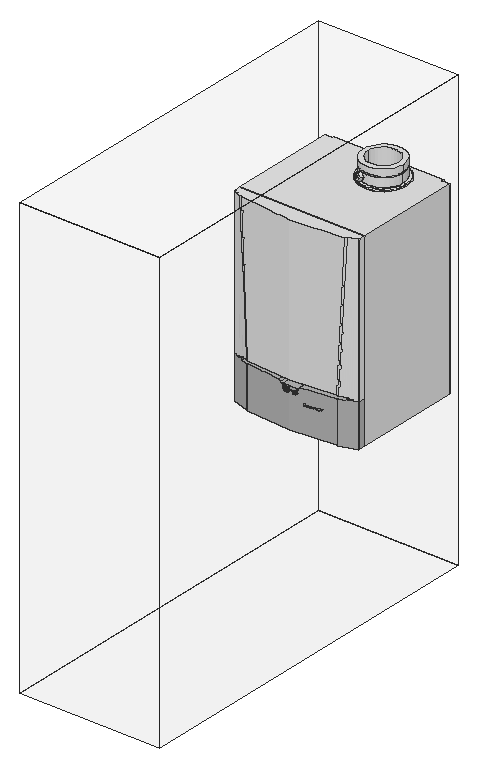
Revit family "Remeha_QuintaPro55_LOD-5", category Mechanical Equipment, Revit 2015 (continued)
Definition of nested family "Quinta-Pro_30-115"
  Automatic sketch dimensions
    Extrusion 16 sketch curve to Extrusion 16 sketch curve = 0.911 mm
    Extrusion 16 sketch curve to Extrusion 16 sketch curve = 0.922 mm
    Extrusion 16 sketch curve to Extrusion 16 sketch curve = 2.171 mm
    Extrusion 16 sketch curve to Extrusion 16 sketch curve = 1.833 mm
    Extrusion 16 sketch curve to Extrusion 16 sketch curve = 0.396 mm
    Extrusion 16 sketch curve to Extrusion 16 sketch curve = 0.842 mm  (x2)
    Extrusion 16 sketch curve to Extrusion 16 sketch curve = 0.290 mm
    Extrusion 16 sketch curve to Extrusion 16 sketch curve = 0.036 mm
    Extrusion 16 sketch curve to Extrusion 16 sketch curve = 0.300 mm
    Extrusion 16 sketch curve to Extrusion 16 sketch curve = 1.352 mm
    Extrusion 16 sketch curve to Extrusion 16 sketch curve = 1.255 mm
    Extrusion 16 sketch curve to Extrusion 16 sketch curve = 2.087 mm
    Extrusion 16 sketch curve to Extrusion 16 sketch curve = 0.335 mm
    Extrusion 16 sketch curve to Extrusion 16 sketch curve = 1.512 mm
    Extrusion 16 sketch curve to Extrusion 16 sketch curve = 1.062 mm
    Extrusion 16 sketch curve to Extrusion 16 sketch curve = 1.468 mm
    Extrusion 16 sketch curve to Extrusion 16 sketch curve = 4.373 mm
    Extrusion 16 sketch curve to Extrusion 16 sketch curve = 0.749 mm
    Extrusion 16 sketch curve to Extrusion 16 sketch curve = 0.613 mm  (x8)
    Extrusion 16 sketch curve to Extrusion 16 sketch curve = 0.947 mm  (x2)
    Extrusion 16 sketch curve to Extrusion 16 sketch curve = 1.533 mm
    Extrusion 16 sketch curve to Extrusion 16 sketch curve = 1.247 mm
    Extrusion 16 sketch curve to Extrusion 16 sketch curve = 0.286 mm
    Extrusion 16 sketch curve to Extrusion 16 sketch curve = 0.162 mm
    Extrusion 16 sketch curve to Extrusion 16 sketch curve = 2.474 mm
    Extrusion 16 sketch curve to Extrusion 16 sketch curve = 0.506 mm  (x3)
    Extrusion 16 sketch curve to Extrusion 16 sketch curve = 0.190 mm
    Extrusion 16 sketch curve to Extrusion 16 sketch curve = 0.935 mm
    Extrusion 16 sketch curve to Extrusion 16 sketch curve = 0.180 mm
    Extrusion 16 sketch curve to Extrusion 16 sketch curve = 0.643 mm
    Extrusion 16 sketch curve to Extrusion 16 sketch curve = 1.046 mm
    Extrusion 16 sketch curve to Extrusion 16 sketch curve = 1.752 mm
    Extrusion 16 sketch curve to Extrusion 16 sketch curve = 0.809 mm
    Extrusion 16 sketch curve to Extrusion 16 sketch curve = 0.140 mm
    Extrusion 16 sketch curve to Extrusion 16 sketch curve = 0.962 mm
    Extrusion 16 sketch curve to Extrusion 16 sketch curve = 0.404 mm
    Extrusion 16 sketch curve to Extrusion 16 sketch curve = 1.397 mm
    Extrusion 16 sketch curve to Extrusion 16 sketch curve = 1.331 mm  (x3)
    Extrusion 16 sketch curve to Extrusion 16 sketch curve = 0.733 mm
    Extrusion 16 sketch curve to Extrusion 16 sketch curve = 0.119 mm
    Extrusion 16 sketch curve to Extrusion 16 sketch curve = 4.746 mm
    Extrusion 16 sketch curve to Extrusion 16 sketch curve = 1.360 mm
    Extrusion 16 sketch curve to Extrusion 16 sketch curve = 2.318 mm  (x2)
    level to Extrusion 16 sketch curve = 141.331 mm
    Extrusion 16 sketch curve to Extrusion 16 sketch curve = 0.445 mm  (x2)
    Extrusion 16 sketch curve to Extrusion 16 sketch curve = 0.051 mm
    Extrusion 16 sketch curve to Extrusion 16 sketch curve = 0.218 mm  (x2)
    Extrusion 16 sketch curve to Extrusion 16 sketch curve = 0.032 mm
    Extrusion 16 sketch curve to Extrusion 16 sketch curve = 0.193 mm
    Extrusion 16 sketch curve to Extrusion 16 sketch curve = 0.127 mm  (x2)
    Extrusion 16 sketch curve to Extrusion 16 sketch curve = 0.972 mm
    Extrusion 16 sketch curve to Extrusion 16 sketch curve = 0.377 mm
    Extrusion 16 sketch curve to Extrusion 16 sketch curve = 1.138 mm
    Extrusion 16 sketch curve to Extrusion 16 sketch curve = 0.932 mm
    Extrusion 16 sketch curve to Extrusion 16 sketch curve = 0.936 mm
    Extrusion 16 sketch curve to Extrusion 16 sketch curve = 0.259 mm
    Extrusion 16 sketch curve to Extrusion 16 sketch curve = 0.689 mm
    Extrusion 16 sketch curve to Extrusion 16 sketch curve = 0.931 mm
    Extrusion 16 sketch curve to Extrusion 16 sketch curve = 0.926 mm
    Extrusion 16 sketch curve to Extrusion 16 sketch curve = 0.018 mm
    Extrusion 16 sketch curve to Extrusion 16 sketch curve = 0.893 mm
    Extrusion 16 sketch curve to Extrusion 16 sketch curve = 0.463 mm
    Extrusion 16 sketch curve to Extrusion 16 sketch curve = 1.332 mm
    Extrusion 16 sketch curve to Extrusion 16 sketch curve = 0.192 mm
    Extrusion 16 sketch curve to Extrusion 16 sketch curve = 0.252 mm
    Extrusion 16 sketch curve to Extrusion 16 sketch curve = 1.837 mm
    Extrusion 16 sketch curve to Extrusion 16 sketch curve = 1.879 mm
    Extrusion 16 sketch curve to Extrusion 16 sketch curve = 1.381 mm
    Extrusion 16 sketch curve to Extrusion 16 sketch curve = 0.996 mm
    Extrusion 16 sketch curve to Extrusion 16 sketch curve = 1.021 mm
    Extrusion 16 sketch curve to Extrusion 16 sketch curve = 1.063 mm
    Extrusion 16 sketch curve to Extrusion 16 sketch curve = 2.632 mm
    Extrusion 16 sketch curve to Extrusion 16 sketch curve = 0.895 mm
    Extrusion 16 sketch curve to Extrusion 16 sketch curve = 1.901 mm
    Extrusion 16 sketch curve to Extrusion 16 sketch curve = 2.181 mm  (x2)
    Extrusion 16 sketch curve to Extrusion 16 sketch curve = 3.927 mm  (x3)
    Extrusion 16 sketch curve to Extrusion 16 sketch curve = 4.033 mm
    Extrusion 16 sketch curve to Extrusion 16 sketch curve = 1.194 mm
    Extrusion 16 sketch curve to Extrusion 16 sketch curve = 4.120 mm
    Extrusion 16 sketch curve to Extrusion 16 sketch curve = 0.509 mm
    Extrusion 16 sketch curve to Extrusion 16 sketch curve = 0.234 mm
    Extrusion 16 sketch curve to Extrusion 16 sketch curve = 0.620 mm  (x2)
    Extrusion 16 sketch curve to Extrusion 16 sketch curve = 1.374 mm
    Extrusion 16 sketch curve to Extrusion 16 sketch curve = 0.249 mm
    Extrusion 16 sketch curve to Extrusion 16 sketch curve = 0.213 mm
    Extrusion 16 sketch curve to Extrusion 16 sketch curve = 1.599 mm
    Extrusion 16 sketch curve to Extrusion 16 sketch curve = 1.627 mm
    Extrusion 16 sketch curve to Extrusion 16 sketch curve = 1.922 mm
    Extrusion 16 sketch curve to Extrusion 16 sketch curve = 2.062 mm
    Extrusion 16 sketch curve to Extrusion 16 sketch curve = 0.346 mm
    Extrusion 16 sketch curve to Extrusion 16 sketch curve = 0.173 mm
    Extrusion 16 sketch curve to Extrusion 16 sketch curve = 0.303 mm  (x2)
    Extrusion 16 sketch curve to Extrusion 16 sketch curve = 0.496 mm
    Extrusion 16 sketch curve to Extrusion 16 sketch curve = 0.979 mm
    Extrusion 16 sketch curve to Extrusion 16 sketch curve = 0.606 mm
    Extrusion 16 sketch curve to Extrusion 16 sketch curve = 0.363 mm  (x2)
    Extrusion 16 sketch curve to Extrusion 16 sketch curve = 0.786 mm
    Extrusion 16 sketch curve to Extrusion 16 sketch curve = 0.879 mm
    Extrusion 16 sketch curve to Extrusion 16 sketch curve = 3.204 mm
    Extrusion 16 sketch curve to Extrusion 16 sketch curve = 0.434 mm  (x2)
    Extrusion 16 sketch curve to Extrusion 16 sketch curve = 0.603 mm
    Extrusion 16 sketch curve to Extrusion 16 sketch curve = 1.192 mm
    Extrusion 16 sketch curve to Extrusion 16 sketch curve = 0.214 mm
    Extrusion 16 sketch curve to Extrusion 16 sketch curve = 0.048 mm
    Extrusion 16 sketch curve to Extrusion 16 sketch curve = 0.106 mm
    Extrusion 16 sketch curve to Extrusion 16 sketch curve = 0.209 mm
    Extrusion 16 sketch curve to Extrusion 16 sketch curve = 0.461 mm
    Extrusion 16 sketch curve to Extrusion 16 sketch curve = 0.269 mm
    Extrusion 16 sketch curve to Extrusion 16 sketch curve = 0.012 mm
    Extrusion 16 sketch curve to Extrusion 16 sketch curve = 0.110 mm
    Extrusion 16 sketch curve to Extrusion 16 sketch curve = 0.206 mm
    Extrusion 16 sketch curve to Extrusion 16 sketch curve = 0.450 mm
    Extrusion 16 sketch curve to Extrusion 16 sketch curve = 0.539 mm
    Extrusion 16 sketch curve to Extrusion 16 sketch curve = 1.198 mm
    Extrusion 16 sketch curve to Extrusion 16 sketch curve = 0.242 mm
    Extrusion 16 sketch curve to Extrusion 16 sketch curve = 1.568 mm
    Extrusion 16 sketch curve to Extrusion 16 sketch curve = 1.169 mm
    Extrusion 16 sketch curve to Extrusion 16 sketch curve = 0.649 mm
    Extrusion 16 sketch curve to Extrusion 16 sketch curve = 0.046 mm
    Extrusion 16 sketch curve to Extrusion 16 sketch curve = 0.963 mm
    Extrusion 16 sketch curve to Extrusion 16 sketch curve = 0.788 mm
    Extrusion 16 sketch curve to Extrusion 16 sketch curve = 4.747 mm
    Extrusion 16 sketch curve to Extrusion 16 sketch curve = 1.119 mm
    Extrusion 16 sketch curve to Extrusion 16 sketch curve = 1.274 mm
    Extrusion 16 sketch curve to Extrusion 16 sketch curve = 2.767 mm
    Extrusion 16 sketch curve to Extrusion 16 sketch curve = 4.645 mm
    Extrusion 16 sketch curve to Extrusion 16 sketch curve = 0.778 mm
    Extrusion 16 sketch curve to Extrusion 16 sketch curve = 0.512 mm
    Extrusion 16 sketch curve to Extrusion 16 sketch curve = 0.296 mm
    Extrusion 16 sketch curve to Extrusion 16 sketch curve = 0.171 mm
    Extrusion 16 sketch curve to Extrusion 16 sketch curve = 0.148 mm
    Extrusion 16 sketch curve to Extrusion 16 sketch curve = 0.591 mm
    Extrusion 16 sketch curve to Extrusion 16 sketch curve = 0.639 mm
    radius of Sweep 8 sketch curve = 91.016 mm
    radius of Extrusion 6 sketch curve = 59.000 mm
  Nested families
    nested 1: "Leg" at (-199.2, -148.4, 0), type "Leg"
    nested 2: "Leg" at (199.2, -148.4, 0), type "Leg"
  Definition of nested family "Leg"
    Parameters
      Leg = none
    Reference planes
      plane 1 "Center (Front/Back)": y = 0
      plane 2: z = 0
      plane 3 "Center (Left/Right)": x = 0
      plane 4: z = 14.999
      plane 5: z = 8.649
    Forms (mm)
      Revolve 1, solid, material <- "Leg"
        sketch origin (-4.368, 0, 0) x (1, 0, 0) y (0, 0, 1)
          loop
            arc (-2.188, 2.311) -> (0.925, 0.686) -> (4.368, 0) r 12.383
            line (4.368, 0) -> (4.368, 8.649) -> (-0.145, 8.649)
            arc (-0.145, 8.649) -> (0.945, 6.602) -> (3.225, 6.181) r 2.669
            line (3.225, 6.181) -> (3.225, 2.311) -> (-2.188, 2.311)
          axis (4.368, 8.649) -> (4.368, 0)
        angle from 0 to 360
    Dimensions and locks
      plane 4 to level = 14.999 mm
      plane 5 to level = 8.649 mm
      aligned and locked: level to plane 2
      aligned: Revolve 1 sketch curve to plane 4  (x2)
